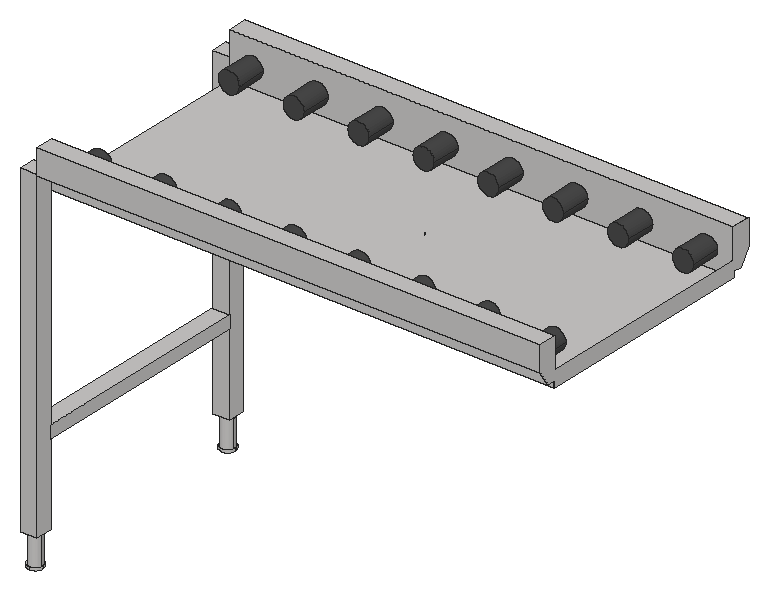
Revit family "QF_ELECTROLUXPROFESSIONAL_863000_HSSRC12", category Specialty Equipment, Revit 2018
Family settings
  Round Connector Dimension = Use Diameter
  Part Type = Normal
  Work Plane-Based = No
  Always vertical = Yes
  Cut with Voids When Loaded = No
  Shared = No
  Room Calculation Point = No
Parameters
  Weight = 0.00 kg
  Watts = 0 W
  Volts = 0 V
  URL Manufacturer = "http://professional.electrolux.com/"
  URL = "http://professional.electrolux.com/"
  Steam Supply Size = 0 mm
  Steam Supply Minimum Pressure = 0.0 Pa
  Steam Supply Maximum Pressure = 0.0 Pa
  Steam Pounds per Hour = 0
  Refrigeration Suction Line Size = 0 mm
  Refrigeration Liquid Line Size = 0 mm
  Refrigerant Compressor Remote = yes
  Manufacturer = "Electrolux"
  Phase = 0
  Model = "HSSRC12"
  Length Actual = 1200 mm  # constant formula
  Item Number = "863000"
  Hot Water Size = 0 mm
  Height Actual = 910 mm  # constant formula
  HP = "0 HP"
  Gas Size = 0 mm
  Gas KW = 0
  Gas Input Pressure = 0 W
  Description = "CONVEYOR, SHORT ROLLERS, L=1200 MM"
  Depth Actual = 620 mm  # constant formula
  Cycle = 0 Hz
  Condensate Return Size = 0 mm
  Compressed Air Volume = 0.0 L/s
  Compressed Air Size = 0 mm
  Compressed Air Pressure = 0.0 Pa
  Cold Water Size = 0 mm
  Accessory = yes
Reference planes
  plane 1 "Centro (Fronte/Retro)": y = 74.737
  plane 2: z = 0
  plane 3 "LEFT": x = -1038.761
  plane 4 "BACK": y = 384.737
  plane 5 "FRONT": y = -235.263
  plane 6: z = 910
  plane 7 "RIGHT": x = 161.239
  plane 8: x = -408.761
Forms (mm)
  Extrusion 1, solid, material "QF_Finishes_Stainless Steel"
    sketch origin (0, 74.737, 0) x (1, 0, 0) y (0, 0, 1)
      loop
        line (-1079.929, 300) -> (-1079.929, 270) -> (-1039.929, 270) -> (-1039.929, 300) -> (-1079.929, 300)
    from -266.504 to 266.46
  Extrusion 2, solid, material "QF_Finishes_Stainless Steel"
    sketch origin (11.239, 0, 0) x (0, 1, 0) y (0, 0, 1)
      loop
        line (-235.263, 910) -> (-235.263, 850.033) -> (-190.242, 850.033) -> (-190.242, 910) -> (-235.263, 910)
      loop
        line (384.737, 910) -> (339.716, 910) -> (339.716, 850.033) -> (384.737, 850.033) -> (384.737, 910)
    from -1050 to 148.8
  Extrusion 3, solid, material "QF_Finishes_Stainless Steel"
    sketch origin (11.239, 0, 0) x (0, 1, 0) y (0, 0, 1)
      loop
        line (-191.727, 850.033) -> (-191.727, 800.081) -> (341.245, 800.081) -> (341.245, 850.033) -> (339.716, 850.033) -> (339.716, 803.081) -> (-190.242, 803.081) -> (-190.242, 850.033) -> (-191.727, 850.033)
    from -1050 to 148.8
  Extrusion 4, solid, material "QF_Finishes_Black"
    sketch origin (0, 74.737, 0) x (1, 0, 0) y (0, 0, 1)
      loop
        circle (-980.637, 850.115) r 25
      loop
        circle (-825.987, 850.115) r 25
      loop
        circle (-671.336, 850.115) r 25
      loop
        circle (-516.686, 850.115) r 25
      loop
        circle (-362.036, 850.115) r 25
      loop
        circle (-207.385, 850.115) r 25
      loop
        circle (-52.735, 850.115) r 25
      loop
        circle (101.915, 850.115) r 25
    from 190.58 to 260.534
  Extrusion 5, solid, material "QF_Finishes_Stainless Steel"
    sketch origin (1661.239, 723.253, 4000) x (0, 1, 0) y (0, 0, 1)
      loop
        line (-958.516, -3090) -> (-958.516, -3149.967) -> (-934.752, -3185.632) -> (-915.4, -3185.632) -> (-915.4, -3199.919) -> (-381.633, -3199.919) -> (-381.633, -3185.632) -> (-362.281, -3185.632) -> (-338.516, -3149.967) -> (-338.516, -3090) -> (-383.538, -3090) -> (-383.538, -3161.926) -> (-913.495, -3161.926) -> (-913.495, -3090) -> (-958.516, -3090)
    from -1500 to -1501.2
  Extrusion 6, solid, material "QF_Finishes_Black"
    sketch origin (0, 74.737, 0) x (1, 0, 0) y (0, 0, -1)
      loop
        circle (-980.637, -850.115) r 25
      loop
        circle (-825.987, -850.115) r 25
      loop
        circle (-671.336, -850.115) r 25
      loop
        circle (-516.686, -850.115) r 25
      loop
        circle (-362.036, -850.115) r 25
      loop
        circle (-207.385, -850.115) r 25
      loop
        circle (-52.735, -850.115) r 25
      loop
        circle (101.915, -850.115) r 25
    from 190.58 to 260.534
  Revolve 7, solid, material "QF_Finishes_Stainless Steel"
    sketch origin (-441.185, 0, 0) x (0, 1, 0) y (0, 0, 1)
      loop
        line (74.737, 800.081) -> (12.53, 800.081) -> (12.319, 797.4) -> (12.319, 785.476) -> (17.293, 785.476) -> (17.293, 781.772)
        arc (17.293, 781.772) -> (20.266, 773.808) -> (27.77, 769.813) r 11.998
        line (27.77, 769.813) -> (74.737, 764.085) -> (74.737, 800.081)
      axis (74.737, 764.085) -> (74.737, 800.081)
    angle from 0 to 360
  Revolve 8, solid, material "QF_Finishes_Stainless Steel"
    sketch origin (-411.185, -1524, 744.096) x (0, 0, 1) y (0, -1, 0)
      loop
        line (13.017, -1619.713) -> (30, -1619.713) -> (30, -1598.737) -> (0, -1598.737) -> (0, -1619.713) -> (2.434, -1622.253) -> (10.477, -1622.253) -> (13.017, -1619.713)
      axis (0, -1598.737) -> (30, -1598.737)
    angle from 0 to 360
Cuts and joins
  joined: Extrusion 2, Extrusion 3
Lines and regions (mm)
  Split face 1
    outline origin (1205.739, 339.716, 803.081) x (-1, 0, 0) y (0, -1, 0)
      loop
        circle (1647, 264.904) r 3.016
  Split face 2
    outline origin (1205.739, 339.716, 803.081) x (-1, 0, 0) y (0, -1, 0)
      loop
        circle (1647, 264.904) r 52.991
  Split face 3
    outline origin (1205.739, 339.716, 803.081) x (-1, 0, 0) y (0, -1, 0)
      loop
        circle (1647, 264.904) r 36.015
  Split face 4
    outline origin (1205.739, 339.716, 803.081) x (-1, 0, 0) y (0, -1, 0)
      loop
        circle (1647, 264.904) r 26.027
  Split face 5
    outline origin (1205.739, 339.716, 803.081) x (-1, 0, 0) y (0, -1, 0)
      loop
        circle (1647, 264.904) r 9.056
  Masking region 1
    outline origin (0, 0, 0) x (1, 0, 0) y (0, 1, 0)
      loop
        line (-1038.761, 384.737) -> (-1038.761, -235.263) -> (161.239, -235.263) -> (161.239, 384.737) -> (-1038.761, 384.737)
  symbolic lines
    curve 1: line (161.239, 384.737, 0) -> (-1038.761, 384.737, 0)
    curve 2: line (-1038.761, 384.737, 0) -> (-1038.761, -235.263, 0)
    curve 3: line (-1038.761, 339.716, 0) -> (161.239, 339.716, 0)
    curve 4: line (-1038.761, -235.263, 0) -> (161.239, -235.263, 0)
    curve 5: line (161.239, -235.263, 0) -> (161.239, 384.737, 0)
    curve 6: line (161.239, -190.242, 0) -> (-1038.761, -190.242, 0)
    curve 7: line (-955.637, -115.842, 0) -> (-1005.637, -115.842, 0)
    curve 8: line (-1005.637, -115.842, 0) -> (-1005.637, -185.797, 0)
    curve 9: line (-1005.637, -185.797, 0) -> (-955.637, -185.797, 0)
    curve 10: line (-955.637, -185.797, 0) -> (-955.637, -115.842, 0)
    curve 11: line (161.239, 74.737, 0) -> (131.239, 74.737, 0)
    curve 12: line (-1038.761, 74.737, 0) -> (-1008.761, 74.737, 0)
    curve 13: line (-850.987, -115.842, 0) -> (-800.987, -115.842, 0)
    curve 14: line (-800.987, -115.842, 0) -> (-800.987, -185.797, 0)
    curve 15: line (-800.987, -185.797, 0) -> (-850.987, -185.797, 0)
    curve 16: line (-850.987, -185.797, 0) -> (-850.987, -115.842, 0)
    curve 17: line (-646.336, -115.842, 0) -> (-696.336, -115.842, 0)
    curve 18: line (-696.336, -115.842, 0) -> (-696.336, -185.797, 0)
    curve 19: line (-696.336, -185.797, 0) -> (-646.336, -185.797, 0)
    curve 20: line (-646.336, -185.797, 0) -> (-646.336, -115.842, 0)
    curve 21: line (-491.686, -115.842, 0) -> (-541.686, -115.842, 0)
    curve 22: line (-541.686, -115.842, 0) -> (-541.686, -185.797, 0)
    curve 23: line (-541.686, -185.797, 0) -> (-491.686, -185.797, 0)
    curve 24: line (-491.686, -185.797, 0) -> (-491.686, -115.842, 0)
    curve 25: line (-337.036, -115.842, 0) -> (-387.036, -115.842, 0)
    curve 26: line (-387.036, -115.842, 0) -> (-387.036, -185.797, 0)
    curve 27: line (-387.036, -185.797, 0) -> (-337.036, -185.797, 0)
    curve 28: line (-337.036, -185.797, 0) -> (-337.036, -115.842, 0)
    curve 29: line (-182.385, -115.842, 0) -> (-232.385, -115.842, 0)
    curve 30: line (-232.385, -115.842, 0) -> (-232.385, -185.797, 0)
    curve 31: line (-232.385, -185.797, 0) -> (-182.385, -185.797, 0)
    curve 32: line (-182.385, -185.797, 0) -> (-182.385, -115.842, 0)
    curve 33: line (-27.735, -115.842, 0) -> (-77.735, -115.842, 0)
    curve 34: line (-77.735, -115.842, 0) -> (-77.735, -185.797, 0)
    curve 35: line (-77.735, -185.797, 0) -> (-27.735, -185.797, 0)
    curve 36: line (-27.735, -185.797, 0) -> (-27.735, -115.842, 0)
    curve 37: line (126.915, -115.842, 0) -> (76.915, -115.842, 0)
    curve 38: line (76.915, -115.842, 0) -> (76.915, -185.797, 0)
    curve 39: line (76.915, -185.797, 0) -> (126.915, -185.797, 0)
    curve 40: line (126.915, -185.797, 0) -> (126.915, -115.842, 0)
    curve 41: line (-955.637, 265.317, 0) -> (-1005.637, 265.317, 0)
    curve 42: line (-1005.637, 265.317, 0) -> (-1005.637, 335.271, 0)
    curve 43: line (-1005.637, 335.271, 0) -> (-955.637, 335.271, 0)
    curve 44: line (-955.637, 335.271, 0) -> (-955.637, 265.317, 0)
    curve 45: line (-850.987, 265.317, 0) -> (-800.987, 265.317, 0)
    curve 46: line (-800.987, 265.317, 0) -> (-800.987, 335.271, 0)
    curve 47: line (-800.987, 335.271, 0) -> (-850.987, 335.271, 0)
    curve 48: line (-850.987, 335.271, 0) -> (-850.987, 265.317, 0)
    curve 49: line (-646.336, 265.317, 0) -> (-696.336, 265.317, 0)
    curve 50: line (-696.336, 265.317, 0) -> (-696.336, 335.271, 0)
    curve 51: line (-696.336, 335.271, 0) -> (-646.336, 335.271, 0)
    curve 52: line (-646.336, 335.271, 0) -> (-646.336, 265.317, 0)
    curve 53: line (-491.686, 265.317, 0) -> (-541.686, 265.317, 0)
    curve 54: line (-541.686, 265.317, 0) -> (-541.686, 335.271, 0)
    curve 55: line (-541.686, 335.271, 0) -> (-491.686, 335.271, 0)
    curve 56: line (-491.686, 335.271, 0) -> (-491.686, 265.317, 0)
    curve 57: line (-337.036, 265.317, 0) -> (-387.036, 265.317, 0)
    curve 58: line (-387.036, 265.317, 0) -> (-387.036, 335.271, 0)
    curve 59: line (-387.036, 335.271, 0) -> (-337.036, 335.271, 0)
    curve 60: line (-337.036, 335.271, 0) -> (-337.036, 265.317, 0)
    curve 61: line (-182.385, 265.317, 0) -> (-232.385, 265.317, 0)
    curve 62: line (-232.385, 265.317, 0) -> (-232.385, 335.271, 0)
    curve 63: line (-232.385, 335.271, 0) -> (-182.385, 335.271, 0)
    curve 64: line (-182.385, 335.271, 0) -> (-182.385, 265.317, 0)
    curve 65: line (-27.735, 265.317, 0) -> (-77.735, 265.317, 0)
    curve 66: line (-77.735, 265.317, 0) -> (-77.735, 335.271, 0)
    curve 67: line (-77.735, 335.271, 0) -> (-27.735, 335.271, 0)
    curve 68: line (-27.735, 335.271, 0) -> (-27.735, 265.317, 0)
    curve 69: line (126.915, 265.317, 0) -> (76.915, 265.317, 0)
    curve 70: line (76.915, 265.317, 0) -> (76.915, 335.271, 0)
    curve 71: line (76.915, 335.271, 0) -> (126.915, 335.271, 0)
    curve 72: line (126.915, 335.271, 0) -> (126.915, 265.317, 0)
    curve 73: arc (-441.185, 12.319, 0) -> (-503.604, 74.737, 0) -> (-441.185, 137.156, 0) r 62.418
    curve 74: arc (-441.185, 137.156, 0) -> (-378.767, 74.737, 0) -> (-441.185, 12.319, 0) r 62.418
    curve 75: arc (-411.185, 95.713, 0) -> (-432.162, 74.737, 0) -> (-411.185, 53.761, 0) r 20.976
    curve 76: arc (-411.185, 53.761, 0) -> (-390.209, 74.737, 0) -> (-411.185, 95.713, 0) r 20.976
Dimensions and locks
  plane 3 "LEFT" to plane 7 "RIGHT" = 1200 mm
  equal spacing: plane 4 "BACK", plane 1 "Centro (Fronte/Retro)", plane 5 "FRONT"
  plane 4 "BACK" to plane 5 "FRONT" = 620 mm
  aligned and locked: level to plane 2
  aligned and locked: Extrusion 2 to Extrusion 3
Automatic sketch dimensions
  curve 73 to curve 74 = 0 mm  (x2)
  curve 75 to curve 76 = 0 mm  (x2)
  curve 4 to plane 3 "LEFT" = 0 mm
  plane 1 "Centro (Fronte/Retro)" to curve 12 = 0 mm
  plane 1 "Centro (Fronte/Retro)" to curve 73 = 0 mm
  plane 1 "Centro (Fronte/Retro)" to curve 76 = 0 mm
  plane 1 "Centro (Fronte/Retro)" to curve 11 = 0 mm
  curve 6 to plane 7 "RIGHT" = 0 mm
  curve 4 to plane 5 "FRONT" = 0 mm
  curve 2 to plane 4 "BACK" = 0 mm
  plane 3 "LEFT" to curve 43 = 33.124 mm
  plane 3 "LEFT" to curve 9 = 33.124 mm
  curve 8 to curve 9 = 50 mm
  curve 42 to curve 44 = 50 mm
  curve 7 to curve 13 = 104.65 mm
  curve 47 to plane 4 "BACK" = 49.466 mm
  curve 43 to curve 47 = 104.65 mm
  curve 15 to curve 15 = 50 mm
  curve 45 to curve 46 = 50 mm
  curve 45 to curve 50 = 104.65 mm
  plane 5 "FRONT" to curve 19 = 49.466 mm
  curve 14 to curve 19 = 104.65 mm
  curve 17 to curve 17 = 50 mm
  curve 50 to curve 51 = 50 mm
  curve 49 to curve 53 = 104.65 mm
  curve 17 to curve 21 = 104.65 mm
  curve 53 to curve 53 = 50 mm
  curve 22 to curve 23 = 50 mm
  curve 73 to plane 8 = 32.424 mm
  curve 76 to plane 8 = 2.424 mm
  plane 8 to curve 59 = 21.725 mm
  plane 8 to curve 25 = 21.725 mm
  curve 57 to curve 57 = 50 mm
  curve 25 to curve 25 = 50 mm
  curve 62 to plane 4 "BACK" = 49.466 mm
  curve 59 to curve 62 = 104.65 mm
  plane 5 "FRONT" to curve 31 = 49.466 mm
  curve 27 to curve 31 = 104.65 mm
  curve 30 to curve 31 = 50 mm
  curve 61 to curve 64 = 50 mm
  plane 5 "FRONT" to curve 34 = 49.466 mm
  curve 31 to curve 34 = 104.65 mm
  curve 61 to curve 66 = 104.65 mm
  curve 66 to curve 67 = 50 mm
  curve 33 to curve 36 = 50 mm
  curve 38 to plane 7 "RIGHT" = 84.324 mm
  curve 71 to plane 7 "RIGHT" = 84.324 mm
  curve 71 to plane 7 "RIGHT" = 34.324 mm
  curve 37 to plane 7 "RIGHT" = 34.324 mm
  plane 5 "FRONT" to curve 39 = 49.466 mm
  plane 5 "FRONT" to curve 8 = 49.466 mm
  plane 5 "FRONT" to curve 28 = 49.466 mm
  plane 5 "FRONT" to curve 24 = 49.466 mm
  plane 5 "FRONT" to curve 14 = 49.466 mm
  curve 18 to curve 17 = 69.954 mm
  curve 23 to curve 21 = 69.954 mm
  curve 15 to curve 16 = 69.954 mm
  curve 27 to curve 25 = 69.954 mm
  curve 35 to curve 36 = 69.954 mm
  curve 39 to curve 37 = 69.954 mm
  curve 31 to curve 29 = 69.954 mm
  curve 9 to curve 10 = 69.954 mm
  curve 44 to plane 4 "BACK" = 119.42 mm
  curve 45 to curve 47 = 69.954 mm
  curve 61 to curve 63 = 69.954 mm
  curve 72 to plane 4 "BACK" = 119.42 mm
  curve 49 to plane 4 "BACK" = 119.42 mm
  curve 68 to curve 69 = 0 mm
  curve 53 to plane 4 "BACK" = 119.42 mm
  curve 57 to curve 61 = 0 mm
  curve 60 to plane 4 "BACK" = 49.466 mm
  curve 43 to plane 4 "BACK" = 49.466 mm
  curve 56 to plane 4 "BACK" = 49.466 mm
  curve 52 to plane 4 "BACK" = 49.466 mm
  curve 66 to plane 4 "BACK" = 49.466 mm
  curve 70 to plane 4 "BACK" = 49.466 mm
  plane 3 "LEFT" to curve 12 = 30 mm
  curve 11 to plane 7 "RIGHT" = 30 mm
  curve 6 to curve 39 = 4.445 mm
  plane 1 "Centro (Fronte/Retro)" to curve 73 = 62.418 mm
  plane 1 "Centro (Fronte/Retro)" to curve 76 = 20.976 mm
  curve 71 to curve 3 = 4.445 mm
  Extrusion 1 sketch curve to plane 3 "LEFT" = 41.168 mm
  Extrusion 1 sketch curve to plane 3 "LEFT" = 1.168 mm
  level to Extrusion 1 sketch curve = 270 mm
  Extrusion 1 sketch curve to Extrusion 1 sketch curve = 30 mm
  Extrusion 2 sketch curve to plane 5 "FRONT" = 0 mm
  Extrusion 2 sketch curve to plane 6 = 0 mm  (x2)
  Extrusion 2 sketch curve to plane 4 "BACK" = 0 mm
  plane 5 "FRONT" to Extrusion 2 sketch curve = 45.021 mm
  Extrusion 2 sketch curve to plane 4 "BACK" = 45.021 mm
  Extrusion 2 sketch curve to Extrusion 2 sketch curve = 59.967 mm  (x2)
  plane 5 "FRONT" to Extrusion 3 sketch curve = 43.536 mm
  Extrusion 3 sketch curve to Extrusion 3 sketch curve = 1.486 mm
  Extrusion 3 sketch curve to plane 4 "BACK" = 45.021 mm
  Extrusion 3 sketch curve to Extrusion 3 sketch curve = 1.529 mm
  Extrusion 3 sketch curve to plane 6 = 109.919 mm
  Extrusion 3 sketch curve to Extrusion 3 sketch curve = 3 mm
  Extrusion 3 sketch curve to Extrusion 3 sketch curve = 46.952 mm  (x2)
  plane 3 "LEFT" to Extrusion 4 sketch curve = 58.124 mm
  Extrusion 4 sketch curve to plane 6 = 59.885 mm  (x8)
  Extrusion 4 sketch curve to Extrusion 4 sketch curve = 154.65 mm  (x4)
  Extrusion 4 sketch curve to plane 8 = 107.925 mm
  plane 8 to Extrusion 4 sketch curve = 46.725 mm
  Extrusion 4 sketch curve to plane 7 "RIGHT" = 59.324 mm
  Split face 1 sketch curve to cut or joined group of Extrusion 2, Extrusion 3 = 597.5 mm
  cut or joined group of Extrusion 2, Extrusion 3 to Split face 1 sketch curve = 264.904 mm
  Split face 2 sketch curve to cut or joined group of Extrusion 2, Extrusion 3 = 597.5 mm
  cut or joined group of Extrusion 2, Extrusion 3 to Split face 2 sketch curve = 264.904 mm
  Split face 3 sketch curve to cut or joined group of Extrusion 2, Extrusion 3 = 597.5 mm
  cut or joined group of Extrusion 2, Extrusion 3 to Split face 3 sketch curve = 264.904 mm
  Split face 4 sketch curve to cut or joined group of Extrusion 2, Extrusion 3 = 597.5 mm
  cut or joined group of Extrusion 2, Extrusion 3 to Split face 4 sketch curve = 264.904 mm
  Split face 5 sketch curve to cut or joined group of Extrusion 2, Extrusion 3 = 597.5 mm
  cut or joined group of Extrusion 2, Extrusion 3 to Split face 5 sketch curve = 264.904 mm
  Masking region 1 sketch curve to plane 3 "LEFT" = 0 mm
  Masking region 1 sketch curve to plane 5 "FRONT" = 0 mm
  Masking region 1 sketch curve to plane 7 "RIGHT" = 0 mm
  Masking region 1 sketch curve to plane 4 "BACK" = 0 mm
  Extrusion 5 sketch curve to plane 5 "FRONT" = 0 mm
  Extrusion 5 sketch curve to plane 6 = 0 mm  (x2)
  Extrusion 5 sketch curve to plane 4 "BACK" = 0 mm
  plane 5 "FRONT" to Extrusion 5 sketch curve = 23.764 mm
  Extrusion 5 sketch curve to Extrusion 5 sketch curve = 19.352 mm  (x2)
  plane 5 "FRONT" to Extrusion 5 sketch curve = 45.021 mm
  Extrusion 5 sketch curve to plane 4 "BACK" = 45.021 mm
  Extrusion 5 sketch curve to Extrusion 5 sketch curve = 1.905 mm
  Extrusion 5 sketch curve to Extrusion 5 sketch curve = 59.967 mm  (x2)
  Extrusion 5 sketch curve to Extrusion 5 sketch curve = 11.959 mm
  Extrusion 5 sketch curve to Extrusion 5 sketch curve = 23.706 mm  (x2)
  Extrusion 5 sketch curve to Extrusion 5 sketch curve = 14.287 mm
  plane 3 "LEFT" to Extrusion 6 sketch curve = 58.124 mm
  Extrusion 6 sketch curve to plane 6 = 59.885 mm  (x8)
  Extrusion 6 sketch curve to Extrusion 6 sketch curve = 154.65 mm  (x4)
  Extrusion 6 sketch curve to plane 8 = 107.925 mm
  plane 8 to Extrusion 6 sketch curve = 46.725 mm
  Extrusion 6 sketch curve to plane 7 "RIGHT" = 59.324 mm
  Revolve 7 sketch curve to plane 1 "Centro (Fronte/Retro)" = 0 mm  (x2)
  plane 1 "Centro (Fronte/Retro)" to Revolve 7 sketch curve = 45.447 mm
  Revolve 7 sketch curve to Revolve 7 sketch curve = 1.52 mm
  Revolve 7 sketch curve to Revolve 7 sketch curve = 11.998 mm
  Revolve 7 sketch curve to Revolve 7 sketch curve = 4.762 mm
  Revolve 7 sketch curve to Revolve 7 sketch curve = 4.974 mm
  Revolve 7 sketch curve to plane 6 = 145.915 mm
  Revolve 7 sketch curve to Revolve 7 sketch curve = 5.727 mm
  Revolve 7 sketch curve to Revolve 7 sketch curve = 11.901 mm
  Revolve 7 sketch curve to Revolve 7 sketch curve = 3.704 mm
  Revolve 7 sketch curve to Revolve 7 sketch curve = 11.924 mm
  Revolve 7 sketch curve to Revolve 7 sketch curve = 2.681 mm
  Revolve 7 sketch curve to Revolve 7 sketch curve = 3 mm
  Revolve 7 sketch curve to Revolve 7 sketch curve = 14.991 mm
  Revolve 8 sketch curve to plane 1 "Centro (Fronte/Retro)" = 0 mm  (x2)
  Revolve 8 sketch curve to plane 1 "Centro (Fronte/Retro)" = 20.976 mm
  Revolve 8 sketch curve to plane 6 = 165.904 mm
  Revolve 8 sketch curve to plane 1 "Centro (Fronte/Retro)" = 23.516 mm
  Revolve 8 sketch curve to Revolve 8 sketch curve = 2.434 mm
  Revolve 8 sketch curve to Revolve 8 sketch curve = 8.043 mm
  Revolve 8 sketch curve to Revolve 8 sketch curve = 2.54 mm  (x2)
  Revolve 8 sketch curve to Revolve 8 sketch curve = 16.983 mm
  Revolve 8 sketch curve to Revolve 8 sketch curve = 3.127 mm
  Revolve 8 sketch curve to Revolve 8 sketch curve = 7.343 mm
  radius of Extrusion 4 sketch curve = 25 mm  (x8)
  radius of Split face 1 sketch curve = 3.016 mm
  radius of Split face 2 sketch curve = 52.991 mm
  radius of Split face 3 sketch curve = 36.015 mm
  radius of Split face 4 sketch curve = 26.027 mm
  radius of Split face 5 sketch curve = 9.056 mm
  radius of Extrusion 6 sketch curve = 25 mm  (x8)
Nested families
  nested 1: "Foot_40x40" at (-1059.929, 361.245, 0), type "Foot_40x40"
    with A 850.033 mm
  nested 2: "Foot_40x40" at (-1059.929, -211.771, 0), type "Foot_40x40"
    with A 850.033 mm
  nested 3: "Foot_40x40" at (-1059.929, 361.288, 0), type "Foot_40x40"
    with A 850.033 mm
Connectors
  piping at (-411.185, 74.737, 744.096), diameter 30
    settings: on Revolve 8, index 3, connector inside diameter 609.6 mm, connector length 0 mm, flow factor 0, pipe flow 0.0 L/s, pressure drop 0.0 Pa, fitting loss kfactor 0, connector angle 0.00°, fixture units 0, engagement length 0 mm, angle of deflection 0.00°, flow configuration 1, flow direction 2, fitting loss method 0, system type 16, joint type 0, gender type 0, connector reference index -1, connector utility 0, adjustable connector no, is connector primary yes, connector description "Drain"
Definition of nested family "Foot_40x40"
  Parameters
    A [instance] = 850 mm
  Reference planes
    plane 1 "Centro (Fronte/Retro)": y = 0
    plane 2: z = 0
    plane 3 "Centro (Sinistra/Destra)": x = 0
    plane 4: z = 850
  Forms (mm)
    Extrusion 1, solid
      sketch origin (0, 0, 0) x (1, 0, 0) y (0, 1, 0)
        loop
          circle (0, 0) r 18
      from 0 to 5
    Extrusion 2, solid
      sketch origin (0, 0, 5) x (1, 0, 0) y (0, 1, 0)
        loop
          circle (0, 0) r 15
      from 0 to 70
    Extrusion 3, solid
      sketch origin (0, 0, 75) x (1, 0, 0) y (0, 1, 0)
        loop
          line (-20, 20) -> (-20, -20) -> (20, -20) -> (20, 20) -> (-20, 20)
      from 0 to 775
  Dimensions and locks
    "A": plane 4 to plane 2
    aligned and locked: level to plane 2
    aligned and locked: plane 4 to Extrusion 3
    aligned and locked: Extrusion 1 to level
  Automatic sketch dimensions
    plane 1 "Centro (Fronte/Retro)" to Extrusion 1 sketch curve = 0 mm
    Extrusion 1 sketch curve to plane 3 "Centro (Sinistra/Destra)" = 0 mm
    Extrusion 3 sketch curve to Extrusion 3 sketch curve = 40 mm  (x2)
    radius of Extrusion 1 sketch curve = 18 mm
    radius of Extrusion 2 sketch curve to Extrusion 1 = 3 mm
